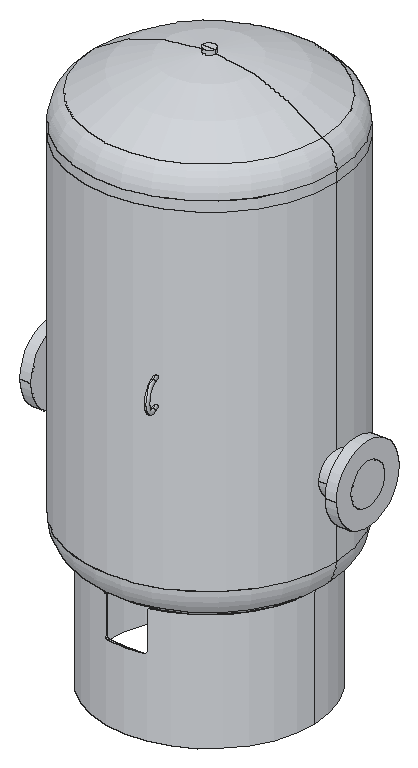
Revit family "CWBT300-6-125", category Mechanical Equipment, Revit 2014
Parameters (values of type "CWBT300-6-125")
  Tank Weight = "753 lbs."
  Tank Volume = "300 Gal"
  Tank Height = "80 3/8\""
  Tank Diameter = "36\""
  Note = "All dimensions and weights are approximate"
  Maximum Acceptance Volume = "N/A"
  Max Operating Temp = "450° F"
  Max Operating Pressure = "125 psi"
  Connector Size = "4\""
Reference planes (in)
  plane 1 "Center (Front/Back)": y = 0
  plane 2: z = 0
  plane 3 "Center (Left/Right)": x = 0
Forms (in)
  Extrusion 1, solid
    sketch origin (0, 0, 0) x (1, 0, 0) y (0, 1, 0)
      loop
        circle (0, 0) r 15
      loop
        circle (0, 0) r 14.8125
    from 0 to 17
  Extrusion 2, void
    sketch origin (0, 0, 0) x (1, 0, 0) y (0, 0, 1)
      loop
        arc (-3.4137, 17) -> (-3.12117, 16.87883) -> (-3, 16.5863) r 0.4137
        line (-3, 16.5863) -> (-3, 11.4137)
        arc (-3, 11.4137) -> (-2.87883, 11.12117) -> (-2.5863, 11) r 0.4137
        line (-2.5863, 11) -> (2.5863, 11)
        arc (2.5863, 11) -> (2.87883, 11.12117) -> (3, 11.4137) r 0.4137
        line (3, 11.4137) -> (3, 16.5863)
        arc (3, 16.5863) -> (3.12117, 16.87883) -> (3.4137, 17) r 0.4137
        line (3.4137, 17) -> (-3.4137, 17)
    from 0 to 22
  Extrusion 3, void
    sketch origin (0, 0, 0) x (1, 0, 0) y (0, 0, 1)
      loop
        line (-6, 17) -> (-6, 2.4137)
        arc (-6, 2.4137) -> (-5.87883, 2.12117) -> (-5.5863, 2) r 0.4137
        line (-5.5863, 2) -> (5.5863, 2)
        arc (5.5863, 2) -> (5.87883, 2.12117) -> (6, 2.4137) r 0.4137
        line (6, 2.4137) -> (6, 17) -> (-6, 17)
    from 0 to -22
  Revolve 4, solid
    sketch origin (0, 0, 0) x (1, 0, 0) y (0, 0, 1)
      loop
        line (0, 80.88747) -> (0, 12.12508) -> (0.86995, 12.12508) -> (0.86995, 12.65854)
        arc (0.86995, 12.65854) -> (8.06101, 14.12343) -> (14.8125, 17) r 36.42607
        arc (14.8125, 17) -> (15.50353, 17.46465) -> (16.17999, 17.95027) r 27.14946
        arc (16.17999, 17.95027) -> (17.56016, 19.61914) -> (18.082, 21.72098) r 4.87859
        line (18.082, 21.72098) -> (18.082, 70.01255) -> (18.082, 71.42911)
        arc (18.082, 71.42911) -> (17.55638, 73.46039) -> (16.17999, 75.04403) r 4.57937
        arc (16.17999, 75.04403) -> (8.93532, 78.87388) -> (0.87927, 80.37483) r 27.22942
        line (0.87927, 80.37483) -> (0.87927, 80.88747) -> (0, 80.88747)
      axis (0, 80.88747) -> (0, 12.12508)
    angle from 0 to 360
  Sweep 5, solid
    path origin (0.28232, -0.14569, 0.00841) x (0.321915, -0.946769, 0) y (0, 0, 1)
      loop
        line (17.83546, 48.42089) -> (18.83546, 48.42089)
        arc (18.83546, 48.42089) -> (20.71046, 46.54589) -> (18.83546, 44.67089) r 1.875
        line (18.83546, 44.67089) -> (17.83546, 44.67089)
    profile origin (6.18478, -17.50513, 48.4293) x (0, 0, 1) y (-0.946769, -0.321915, 0)
      loop
        circle (0, 0) r 0.25
  Extrusion 6, solid
    sketch origin (0, 0, 0) x (0, 1, 0) y (0, 0, 1)
      loop
        circle (0, 33.125) r 2.928
    from 0 to 22.5
  Extrusion 7, solid
    sketch origin (0, 0, 0) x (0, 1, 0) y (0, 0, 1)
      loop
        circle (0, 33.125) r 2.928
    from 0 to -22.5
  Extrusion 8, solid
    sketch origin (0, 0, 0) x (0, 1, 0) y (0, 0, 1)
      loop
        circle (0, 33.125) r 5.5
    from -20.9375 to -22.5
  Extrusion 9, solid
    sketch origin (0, 0, 0) x (0, 1, 0) y (0, 0, 1)
      loop
        circle (0, 33.125) r 5.5
    from 20.9375 to 22.5
Cuts and joins
  Extrusion 2, Extrusion 3 cuts Extrusion 1
Dimensions and locks (in)
  aligned and locked: level to plane 2
